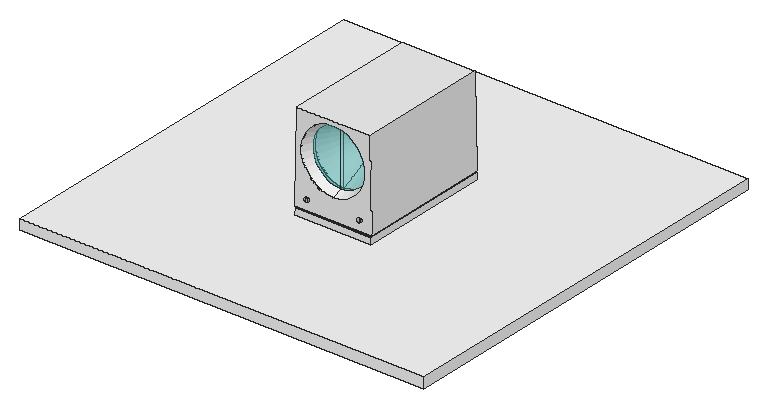
Revit family "BE_24594_de_DE", category Leuchten, Revit 2015
Parameters (values of type "BEGA_24594_Weiß_K4")
  built-in parameter 1150104 = 15.158 (stored number, unit not read)
  Wattage = 3.8 W
  Default Elevation = 0 mm
  built-in parameter 1150113 = 1 (stored number, unit not read)
  built-in parameter 1114218 = 1 (stored number, unit not read)
  Umgebungstemperatur = "25 °C"
  URL = "http://www.bega.de/produkt/24594"
  Typenkommentare = "© 2016 BEGA. Wir behalten uns das Recht vor, technische Änderungen ohne vorherige Ankündigung vorzunehmen."  # constant formula
  Type Image = 24594.png
  built-in parameter 1150134 = 12
  built-in parameter 1150109 = 1 (stored number, unit not read)
  Strom = ""
  built-in parameter 1150110 = 1 (stored number, unit not read)
  Spannung = 239.996 V
  Sonderanfertigung = no
  Seriennummer [instance] = "Hier können Sie die eindeutige Seriennummer für das Facility Management eintragen."
  Schutzklasse = "I"
  Schutzart = "IP 64"
  Scheinlast = 0 VA
  Produktdatenblatt = "http://www.bega.de/download/Xrfa/db/24594.db.de.pdf"
  Oberflächentemperatur = ""
  Neigungswinkel = 0.00°
  Modell = "24594WK4"
  Material_17 = BEGA_Reflektor
  Material_15 = BEGA_Leuchtmedium_matt
  Material_11 = BEGA_Glas_opal
  Material_09 = BEGA_Glas_klar
  Material_06 = BEGA_Oberfläche_Edelstahl_gebürstet
  Material_03 = BEGA_Oberfläche_Weiss_matt
  Material_02 = BEGA_Oberfläche_Silber_matt
  Material_01 [instance] = BEGA_Oberfläche_Grafit_matt
  M_W = yes
  M_G = no
  M_A = no
  Logo = 0
  built-in parameter 1114217 = 1 (stored number, unit not read)
  built-in parameter 1150139 = (empty or 0)
  built-in parameter 1150105 = 49.339 (stored number, unit not read)
  built-in parameter 1150114 = 1 (stored number, unit not read)
  Lumens = 620.008 lm
  built-in parameter 1150115 = 1 (stored number, unit not read)
  Leuchtenlichtstrom = "290 lm"
  Leuchtenanzahl = ""
  Lebensdauerkriterien = "L70 = 50.000 h"
  Lastklassifizierung = Beleuchtung
  built-in parameter 1150112 = 1 (stored number, unit not read)
  Lampenlichtstrom = "620 lm"
  Lampe = "LED 3.8 W"
  LED_Modulbezeichnung = "LED-0680/840 + LED-0684/840"
  built-in parameter 1150142 = (empty or 0)
  Hersteller = "BEGA"  # constant formula
  Halbstreuwinkel = ""
  Gewicht = "0.75 kg"
  Gebrauchslageneinschränkung [instance] = ""
  Frequenz = "0/50-60 Hz"
  Farbwiedergabeindex = "Ra > 80"
  Farbtemperaturverschiebung bei Dämpfen der Lampe = <Keine Auswahl>
  Farbtemperatur = "4000 K"
  Color Filter = 16777215
  built-in parameter 1150133 = 10 (stored number, unit not read)
  Energieeffizienzklasse = "LED A++ - A"
  built-in parameter 1150137 = (empty or 0)
  built-in parameter 1150132 = (empty or 0)
  ENEC = ""
  Datei für fotometrisches Netz = "BE_24594K4.IES"
  CE_Konformität = "ja"
  Bestellnummer = "24594WK4"
  Beschreibung_Sonderanfertigung = "Hier können Sie Informationen zur Sonderanfertigung eintragen."
  Beschreibung = "Wandleuchte"
  built-in parameter 1150106 = 0.49339 (stored number, unit not read)
  Befestigungsbohrung = "Ø 4,3 mm"
  Befestigungsabstand = "50 mm"
  Ballwurfsicher = ""
  BEGA_Intern_aus = yes
  BEGA_Intern_an = yes
  BEGA_Intern_Konstruktion = yes
  BEGA_Intern = yes
  BEGA_IES = yes
  BEGA_Dummy = no
  Anschlussleitung = ""
  Anschlussleistung [instance] = "5.5 W"
  Anschlusskasten = ""
  built-in parameter 1150107 = 4000 (stored number, unit not read)
  built-in parameter 1150102 = (empty or 0)
  built-in parameter 1150138 = (empty or 0)
  Aktualisierung = "2016-10-24T04:21:34"
  Abstand_zur_angestrahlten_Fläche [instance] = ""
  AC/DC = "AC/DC"
Types (6, lengths in mm): name | built-in parameter 1150104 | built-in parameter 1150134 | Modell | M_W | M_G | M_A | built-in parameter 1150105 | Lumens | Leuchtenlichtstrom | Lampenlichtstrom | LED_Modulbezeichnung | Farbtemperatur | Datei für fotometrisches Netz | Bestellnummer | built-in parameter 1150106 | built-in parameter 1150107
  BEGA_24594_Weiß_K4 | 15.158 (stored number, unit not read) | 12 | "24594WK4" | yes | no | no | 49.339 (stored number, unit not read) | 620.008 lm | "290 lm" | "620 lm" | "LED-0680/840 + LED-0684/840" | "4000 K" | "BE_24594K4.IES" | "24594WK4" | 0.49339 (stored number, unit not read) | 4000 (stored number, unit not read)
  BEGA_24594_Weiß_K3 | 14.302 (stored number, unit not read) | (empty or 0) | "24594W" | yes | no | no | 46.554 (stored number, unit not read) | 585.01 lm | "274 lm" | "585 lm" | "LED-0680/830 + LED-0684/830" | "3000 K" | "BE_24594.IES" | "24594W" | 0.46554 (stored number, unit not read) | 3000 (stored number, unit not read)
  BEGA_24594_Silber_K4 | 15.158 (stored number, unit not read) | 12 | "24594AK4" | no | no | yes | 49.339 (stored number, unit not read) | 620.008 lm | "290 lm" | "620 lm" | "LED-0680/840 + LED-0684/840" | "4000 K" | "BE_24594K4.IES" | "24594AK4" | 0.49339 (stored number, unit not read) | 4000 (stored number, unit not read)
  BEGA_24594_Grafit_K4 | 15.158 (stored number, unit not read) | 12 | "24594K4" | no | yes | no | 49.339 (stored number, unit not read) | 620.008 lm | "290 lm" | "620 lm" | "LED-0680/840 + LED-0684/840" | "4000 K" | "BE_24594K4.IES" | "24594K4" | 0.49339 (stored number, unit not read) | 4000 (stored number, unit not read)
  BEGA_24594_Silber_K3 | 14.302 (stored number, unit not read) | (empty or 0) | "24594A" | no | no | yes | 46.554 (stored number, unit not read) | 585.01 lm | "274 lm" | "585 lm" | "LED-0680/830 + LED-0684/830" | "3000 K" | "BE_24594.IES" | "24594A" | 0.46554 (stored number, unit not read) | 3000 (stored number, unit not read)
  BEGA_24594_Grafit_K3 | 14.302 (stored number, unit not read) | (empty or 0) | "24594" | no | yes | no | 46.554 (stored number, unit not read) | 585.01 lm | "274 lm" | "585 lm" | "LED-0680/830 + LED-0684/830" | "3000 K" | "BE_24594.IES" | "24594" | 0.46554 (stored number, unit not read) | 3000 (stored number, unit not read)
Reference planes
  plane 1 "Mitte (Vorne/Hinten)": y = 0
  plane 2: z = 0
  plane 3 "Mitte (Links/Rechts)": x = 0
  plane 4 "Links": x = -37.662
  plane 5 "Rechts": x = 37.662
  plane 6 "Unten": y = -62.662
  plane 7 "Oben": y = 67.662
  plane 8 "Vorne": z = 96
  plane 9 "Hinten": z = 0
Forms (mm)
  Extrusion 1, solid, material "BEGA_Platte_Weiss"
    sketch origin (0, -1119.2, 0) x (1, 0, 0) y (0, 1, 0)
      loop
        line (-200, 1319.2) -> (-200, 919.2) -> (200, 919.2) -> (200, 1319.2) -> (-200, 1319.2)
    from 0 to -10
  Extrusion 2, solid, material "BEGA_Dummy_matt", visible <- "BEGA_Dummy"
    sketch origin (80.095, -76.023, 0) x (1, 0, 0) y (0, 1, 0)
      loop
        line (-117.758, 143.685) -> (-117.758, 13.361) -> (-42.433, 13.361) -> (-42.433, 143.685) -> (-117.758, 143.685)
    from 0 to 96
Dimensions and locks
  plane 1 "Mitte (Vorne/Hinten)" to Extrusion 1 = 200 mm
  aligned and locked: plane 2 to Extrusion 1
  aligned and locked: level to Extrusion 1
Nested families
  nested 1: "BE_24594" at (0, 0, 0) x (0, -1, 0) z (0, 0, 1), type "BE_24594"
Connectors
  electrical at (0, 0, 0), driven by "Lastklassifizierung", driven by "Spannung", driven by "Scheinlast"
    settings: index 1, voltage 239.996 V, apparent load 0 VA, apparent load phase1 0 VA, apparent load phase2 0 VA, apparent load phase3 0 VA, power factor 1, load classification "Beleuchtung", number of poles 1, system type 31, power factor state 1, is connector primary yes, connector utility no, sub classification motor no, connector description ""
Definition of nested family "BE_24594"
  Parameters (values of type "BE_24594")
    Default Elevation = 1 mm
    URL = "http://www.bega.de/de/produkt"
    Type Comments = "© 2015 BEGA. Wir behalten uns das Recht vor, technische Änderungen ohne vorherige Ankündigung vorzunehmen. "  # constant formula
    Type Image = (empty or 0)
    Material_17 = none
    Material_15 = none
    Material_11 = none
    Material_09 = none
    Material_06 = none
    Material_03 = none
    Material_02 = none
    Material_01 = none
    M_W = yes
    M_G = yes
    M_A = yes
    Länge_Platte = 200 mm  # constant formula
    Höhe_Platte = -10 mm  # constant formula
    Manufacturer = "BEGA"  # constant formula
    Breite_Platte = 200 mm  # constant formula
  Reference planes
    plane 1 "Mitte (Oben/Unten)": y = 0
    plane 2: z = 0
    plane 3 "Mitte (Links/Rechts)": x = 0
    plane 4 "Vorne": z = 96
    plane 5 "Links": x = -67.662
    plane 6 "Oben": y = 37.662
    plane 7 "Unten": y = -37.662
    plane 8: x = 62.662
  Forms (mm)
    Extrusion 1, solid, detail levels medium
      sketch origin (0, 0, 0) x (1, 0, 0) y (0, 1, 0)
        loop
          line (-100, 100) -> (-100, -100) -> (100, -100) -> (100, 100) -> (-100, 100)
      from 0 to -10 <- "Höhe_Platte"
    Extrusion 2, solid, material <- "Material_01", visible <- "M_G", detail levels medium+fine
      sketch origin (0, 0, 0) x (1, 0, 0) y (0, 0, 1)
        loop
          line (-67.5, 96) -> (-67.5, 8) -> (-59.266, 8) -> (-59.266, 93.7) -> (53.573, 93.7) -> (53.573, 8) -> (62.5, 8) -> (62.5, 96) -> (-67.5, 96)
      from -37.662 to 37.662
    Extrusion 3, solid, material <- "Material_01", visible <- "M_G", detail levels medium+fine
      sketch origin (0, 0, 0) x (0, 1, 0) y (0, 0, 1)
        loop
          line (-37.662, 96) -> (-37.662, 8) -> (-34.581, 8) -> (-34.581, 96) -> (-37.662, 96)
        loop
          line (37.662, 96) -> (34.581, 96) -> (34.581, 8) -> (37.662, 8) -> (37.662, 96)
      from -67.5 to 62.5
    Sweep 4, solid, material <- "Material_01", visible <- "M_G", detail levels medium+fine
      path origin (0, 0, 0) x (1, 0, 0) y (0, 1, 0)
        loop
          line (-67.662, 37.662) -> (-67.662, -37.662) -> (62.662, -37.662) -> (62.662, 37.662) -> (-67.662, 37.662)
      profile origin (-67.662, 0, 0) x (1, 0, 0) y (0, 0, 1)
        loop
          line (0, 0) -> (6.648, 0) -> (6.962, 9) -> (30.453, 9) -> (30.453, 11.3) -> (4.31, 11.3) -> (1.01, 8) -> (1.01, 6.2) -> (0.162, 6.2) -> (0, 0)
    Extrusion 5, solid, material <- "Material_01", visible <- "M_G", detail levels medium+fine
      sketch origin (0, 0, 0) x (1, 0, 0) y (0, 1, 0)
        loop
          line (32.209, -7.209) -> (32.209, 7.209) -> (-37.209, 7.209) -> (-37.209, -7.209) -> (32.209, -7.209)
      from 9 to 11.3
    Revolve 6, void
      sketch origin (0, 0, 0) x (1, 0, 0) y (0, 0, 1)
        loop
          line (53.376, 87.9) -> (53.376, 60.141) -> (63.376, 60.141) -> (63.376, 92.352) -> (53.376, 87.9)
        axis (53.376, 60.141) -> (63.376, 60.141)
      angle from 0 to 360
    Revolve 7, void
      sketch origin (0, 0, 0) x (1, 0, 0) y (0, 0, 1)
        loop
          line (-68.395, 91.9) -> (-68.395, 59.9) -> (-58.719, 59.9) -> (-58.719, 88.393) -> (-63.099, 88.393) -> (-63.099, 91.9) -> (-68.395, 91.9)
        axis (-68.395, 59.9) -> (-58.719, 59.9)
      angle from 0 to 360
    Revolve 8, solid, material <- "Material_06", detail levels fine
      sketch origin (0, -26, 0) x (1, 0, 0) y (0, 0, 1)
        loop
          line (63.4, 19.799) -> (51.161, 19.799) -> (49.161, 17.799) -> (63.4, 17.799) -> (63.4, 19.799)
        axis (49.161, 17.799) -> (63.4, 17.799)
      angle from 0 to 360
    Revolve 9, solid, material <- "Material_06", detail levels fine
      sketch origin (0, 26, 0) x (1, 0, 0) y (0, 0, -1)
        loop
          line (63.4, -19.799) -> (63.4, -17.799) -> (49.161, -17.799) -> (51.161, -19.799) -> (63.4, -19.799)
        axis (49.161, -17.799) -> (63.4, -17.799)
      angle from 0 to 360
    Revolve 10, solid, material <- "Material_17", detail levels medium+fine
      sketch origin (-9.918, 0, 0) x (-1, 0, 0) y (0, 0, 1)
        loop
          arc (-59.266, 88.278) -> (-43.405, 81.141) -> (-29.667, 70.475) r 73.453
          line (-29.667, 70.475) -> (-29.289, 65.072) -> (-28.495, 65.072) -> (-28.916, 71.095)
          arc (-28.916, 71.095) -> (-42.623, 81.743) -> (-58.445, 88.877) r 73.453
          line (-58.445, 88.877) -> (-58.445, 93.497) -> (-59.266, 93.497) -> (-59.266, 88.278)
        axis (-59.266, 59.9) -> (-28.495, 59.9)
      angle from 0 to 360
    Revolve 11, solid, material <- "Material_09", detail levels medium+fine
      sketch origin (0, 0, 0) x (1, 0, 0) y (0, 0, 1)
        loop
          line (53.284, 93.17) -> (49.348, 93.17) -> (49.348, 60.141) -> (53.284, 60.141) -> (53.284, 93.17)
        axis (49.348, 60.141) -> (53.284, 60.141)
      angle from 0 to 360
    Revolve 12, solid, material <- "Material_09", detail levels medium+fine
      sketch origin (-116.784, 0, -2.27) x (1, 0, 0) y (0, 0, 1)
        loop
          line (53.284, 93.17) -> (49.348, 93.17) -> (49.348, 62.17) -> (53.284, 62.17) -> (53.284, 93.17)
        axis (49.348, 62.17) -> (53.284, 62.17)
      angle from 0 to 360
    Extrusion 13, void
      sketch origin (0, 0, 0) x (0, 1, 0) y (0, 0, 1)
        loop
          line (-31, 79.546) -> (-34.049, 79.546) -> (-34.049, 41) -> (-31, 41) -> (-31, 79.546)
      from 49.348 to 56.488
    Extrusion 14, void
      sketch origin (0, 0, 0) x (0, -1, 0) y (0, 0, -1)
        loop
          line (-31, -79.546) -> (-31, -41) -> (-34.049, -41) -> (-34.049, -79.546) -> (-31, -79.546)
      from 49.348 to 56.488
    Revolve 15, solid, material <- "Material_15", detail levels medium+fine
      sketch origin (0, 0, -0.132) x (1, 0, 0) y (0, 0, 1)
        loop
          line (16, 63.926) -> (15.185, 63.926) -> (15.185, 60.273) -> (16, 60.273) -> (16, 63.926)
        axis (15.185, 60.273) -> (16.185, 60.273)
      angle from 0 to 360
    Sweep 16, solid, material <- "Material_02", visible <- "M_A", detail levels medium+fine
      path origin (0, 0, 0) x (1, 0, 0) y (0, 1, 0)
        loop
          line (-67.662, 37.662) -> (-67.662, -37.662) -> (62.662, -37.662) -> (62.662, 37.662) -> (-67.662, 37.662)
      profile origin (-67.662, 0, 0) x (1, 0, 0) y (0, 0, 1)
        loop
          line (0, 0) -> (6.648, 0) -> (6.962, 9) -> (30.453, 9) -> (30.453, 11.3) -> (4.31, 11.3) -> (1.01, 8) -> (1.01, 6.2) -> (0.162, 6.2) -> (0, 0)
    Extrusion 17, solid, material <- "Material_02", visible <- "M_A", detail levels medium+fine
      sketch origin (0, 0, 0) x (1, 0, 0) y (0, 1, 0)
        loop
          line (32.209, -7.209) -> (32.209, 7.209) -> (-37.209, 7.209) -> (-37.209, -7.209) -> (32.209, -7.209)
      from 9 to 11.3
    Sweep 18, solid, material <- "Material_03", visible <- "M_W", detail levels medium+fine
      path origin (0, 0, 0) x (1, 0, 0) y (0, 1, 0)
        loop
          line (-67.662, 37.662) -> (-67.662, -37.662) -> (62.662, -37.662) -> (62.662, 37.662) -> (-67.662, 37.662)
      profile origin (-67.662, 0, 0) x (1, 0, 0) y (0, 0, 1)
        loop
          line (0, 0) -> (6.648, 0) -> (6.962, 9) -> (30.453, 9) -> (30.453, 11.3) -> (4.31, 11.3) -> (1.01, 8) -> (1.01, 6.2) -> (0.162, 6.2) -> (0, 0)
    Extrusion 19, solid, material <- "Material_03", visible <- "M_W", detail levels medium+fine
      sketch origin (0, 0, 0) x (1, 0, 0) y (0, 1, 0)
        loop
          line (32.209, -7.209) -> (32.209, 7.209) -> (-37.209, 7.209) -> (-37.209, -7.209) -> (32.209, -7.209)
      from 9 to 11.3
    Extrusion 20, solid, material <- "Material_02", visible <- "M_A", detail levels medium+fine
      sketch origin (0, 0, 0) x (1, 0, 0) y (0, 0, 1)
        loop
          line (-67.5, 96) -> (-67.5, 8) -> (-59.266, 8) -> (-59.266, 93.7) -> (53.573, 93.7) -> (53.573, 8) -> (62.5, 8) -> (62.5, 96) -> (-67.5, 96)
      from -37.662 to 37.662
    Extrusion 21, solid, material <- "Material_02", visible <- "M_A", detail levels medium+fine
      sketch origin (0, 0, 0) x (0, 1, 0) y (0, 0, 1)
        loop
          line (-37.662, 96) -> (-37.662, 8) -> (-34.581, 8) -> (-34.581, 96) -> (-37.662, 96)
        loop
          line (37.662, 96) -> (34.581, 96) -> (34.581, 8) -> (37.662, 8) -> (37.662, 96)
      from -67.5 to 62.5
    Extrusion 22, solid, material <- "Material_03", visible <- "M_W", detail levels medium+fine
      sketch origin (0, 0, 0) x (1, 0, 0) y (0, 0, 1)
        loop
          line (-67.5, 96) -> (-67.5, 8) -> (-59.266, 8) -> (-59.266, 93.7) -> (53.573, 93.7) -> (53.573, 8) -> (62.5, 8) -> (62.5, 96) -> (-67.5, 96)
      from -37.662 to 37.662
    Extrusion 23, solid, material <- "Material_03", visible <- "M_W", detail levels medium+fine
      sketch origin (0, 0, 0) x (0, 1, 0) y (0, 0, 1)
        loop
          line (-37.662, 96) -> (-37.662, 8) -> (-34.581, 8) -> (-34.581, 96) -> (-37.662, 96)
        loop
          line (37.662, 96) -> (34.581, 96) -> (34.581, 8) -> (37.662, 8) -> (37.662, 96)
      from -67.5 to 62.5
    Extrusion 24, void
      sketch origin (0, 0, 0) x (1, 0, 0) y (0, 1, 0)
        loop
          circle (0, 25) r 2.156
        loop
          circle (0, -25) r 2.156
        loop
          circle (-47, 18.5) r 8.5
        loop
          circle (-47, -18.5) r 8.5
      from 0 to 12.405
    Extrusion 25, void
      sketch origin (0, 0, 0) x (0, 1, 0) y (0, 0, 1)
        loop
          line (-37.662, 8) -> (-36.071, 99.148) -> (-37.662, 99.148) -> (-37.662, 8)
      from -69.5 to 65.4
    Extrusion 26, void
      sketch origin (0, 0, 0) x (0, -1, 0) y (0, 0, -1)
        loop
          line (-37.662, -8) -> (-37.662, -99.148) -> (-36.071, -99.148) -> (-37.662, -8)
      from -69.5 to 65.4
    Extrusion 27, solid, material <- "Material_15", detail levels medium+fine
      sketch origin (0, 0, 0) x (1, 0, 0) y (0, 0, 1)
        loop
          line (-26.175, 70.771) -> (-26.965, 70.771) -> (-26.965, 48.478) -> (-26.175, 48.478) -> (-26.175, 70.771)
      from -1.478 to 2.022
  Cuts and joins
    Revolve 6, Revolve 7, Extrusion 13, Extrusion 14, Extrusion 24, Extrusion 25, Extrusion 26 cuts Extrusion 2
    Revolve 6, Revolve 7, Extrusion 13, Extrusion 14, Extrusion 24, Extrusion 25, Extrusion 26 cuts Extrusion 3
    joined: Extrusion 2, Extrusion 3
    Extrusion 24 cuts Sweep 4
    Extrusion 24 cuts Extrusion 5
    joined: Sweep 4, Extrusion 5
    Extrusion 13, Extrusion 14 cuts Revolve 10
    Extrusion 13, Extrusion 14 cuts Revolve 11
    Extrusion 24 cuts Sweep 16
    Extrusion 24 cuts Extrusion 17
    joined: Sweep 16, Extrusion 17
    Extrusion 24 cuts Sweep 18
    Extrusion 24 cuts Extrusion 19
    joined: Sweep 18, Extrusion 19
    Revolve 6, Revolve 7, Extrusion 24, Extrusion 25, Extrusion 26 cuts Extrusion 20
    Extrusion 24, Extrusion 25, Extrusion 26 cuts Extrusion 21
    joined: Extrusion 20, Extrusion 21
    Revolve 6, Revolve 7, Extrusion 24, Extrusion 25, Extrusion 26 cuts Extrusion 22
    Extrusion 24, Extrusion 25, Extrusion 26 cuts Extrusion 23
    joined: Extrusion 22, Extrusion 23
  Dimensions and locks
    equal spacing: Extrusion 1 sketch curve, plane 3 "Mitte (Links/Rechts)", Extrusion 1 sketch curve
    equal spacing: Extrusion 1 sketch curve, plane 1 "Mitte (Oben/Unten)", Extrusion 1 sketch curve
    "Länge_Platte": Extrusion 1 sketch curve to Extrusion 1 sketch curve
    "Breite_Platte": Extrusion 1 sketch curve to Extrusion 1 sketch curve
    aligned and locked: Extrusion 1 to plane 2
    aligned and locked: level to Extrusion 1
  Automatic sketch dimensions
    plane 5 "Links" to Extrusion 2 sketch curve = 0.162 mm
    plane 5 "Links" to Extrusion 2 sketch curve = 8.396 mm
    level to Extrusion 2 sketch curve = 8 mm  (x2)
    Extrusion 2 sketch curve to Extrusion 2 sketch curve = 85.7 mm
    Extrusion 2 sketch curve to Extrusion 2 sketch curve = 2.3 mm
    plane 1 "Mitte (Oben/Unten)" to Extrusion 3 sketch curve = 37.662 mm
    Extrusion 3 sketch curve to Extrusion 3 sketch curve = 3.081 mm  (x2)
    Extrusion 3 sketch curve to plane 1 "Mitte (Oben/Unten)" = 34.581 mm
    level to Extrusion 3 sketch curve = 8 mm  (x2)
    Extrusion 3 sketch curve to Extrusion 3 sketch curve = 88 mm
    Extrusion 3 sketch curve to Extrusion 3 sketch curve = 0 mm
    Sweep 4 sketch curve to plane 5 "Links" = 0 mm
    plane 1 "Mitte (Oben/Unten)" to Sweep 4 sketch curve = 37.662 mm
    Sweep 4 sketch curve to plane 1 "Mitte (Oben/Unten)" = 37.662 mm
    Sweep 4 sketch curve to level = 0 mm
    profile plane to Sweep 4 sketch curve = 0 mm
    Sweep 4 sketch curve to profile plane = 0.162 mm
    Sweep 4 sketch curve to Sweep 4 sketch curve = 0.848 mm
    Sweep 4 sketch curve to profile plane = 4.31 mm
    Sweep 4 sketch curve to profile plane = 6.648 mm
    Sweep 4 sketch curve to Sweep 4 sketch curve = 2.652 mm
    level to Sweep 4 sketch curve = 9 mm
    Sweep 4 sketch curve to Sweep 4 sketch curve = 23.491 mm
    level to Sweep 4 sketch curve = 6.2 mm
    Sweep 4 sketch curve to Sweep 4 sketch curve = 1.8 mm
    Sweep 4 sketch curve to Sweep 4 sketch curve = 2.3 mm
    plane 1 "Mitte (Oben/Unten)" to Extrusion 5 sketch curve = 7.209 mm
    plane 5 "Links" to Extrusion 5 sketch curve = 30.453 mm
    Extrusion 5 sketch curve to plane 1 "Mitte (Oben/Unten)" = 7.209 mm
    plane 3 "Mitte (Links/Rechts)" to Extrusion 5 sketch curve = 32.209 mm
    level to Revolve 6 sketch curve = 60.141 mm
    Revolve 6 sketch curve to Revolve 6 sketch curve = 27.759 mm
    Revolve 6 sketch curve to Revolve 6 sketch curve = 4.452 mm
    Revolve 6 sketch curve to Revolve 6 sketch curve = 0 mm  (x3)
    Revolve 7 sketch curve to plane 5 "Links" = 0.733 mm
    plane 5 "Links" to Revolve 7 sketch curve = 4.563 mm
    plane 5 "Links" to Revolve 7 sketch curve = 8.943 mm
    level to Revolve 7 sketch curve = 59.9 mm
    Revolve 7 sketch curve to Revolve 7 sketch curve = 28.493 mm
    Revolve 7 sketch curve to Revolve 7 sketch curve = 3.507 mm
    Revolve 7 sketch curve to Revolve 7 sketch curve = 0 mm  (x3)
    Revolve 8 sketch curve to Revolve 8 sketch curve = 2 mm  (x2)
    level to Revolve 8 sketch curve = 17.799 mm
    Revolve 8 sketch curve to Revolve 8 sketch curve = 0 mm  (x3)
    Revolve 9 sketch curve to Revolve 9 sketch curve = 2 mm  (x2)
    level to Revolve 9 sketch curve = 19.799 mm
    Revolve 9 sketch curve to Revolve 9 sketch curve = 0 mm  (x3)
    Revolve 10 sketch curve to Revolve 10 sketch curve = 0.751 mm  (x2)
    Revolve 10 sketch curve to Revolve 10 sketch curve = 0.821 mm
    Revolve 10 sketch curve to plane 3 "Mitte (Links/Rechts)" = 19.749 mm
    Revolve 10 sketch curve to Revolve 10 sketch curve = 0.378 mm
    Revolve 10 sketch curve to Revolve 10 sketch curve = 0.794 mm
    Revolve 10 sketch curve to level = 18.197 mm
    Revolve 10 sketch curve to Revolve 10 sketch curve = 0.62 mm  (x2)
    Revolve 10 sketch curve to level = 65.072 mm
    Revolve 10 sketch curve to Revolve 10 sketch curve = 5.402 mm
    Revolve 10 sketch curve to Revolve 10 sketch curve = 4.621 mm
    Revolve 10 sketch curve to Revolve 10 sketch curve = 0.995 mm
    Revolve 10 sketch curve to Revolve 10 sketch curve = 28.378 mm
    Revolve 11 sketch curve to Revolve 11 sketch curve = 3.936 mm
    level to Revolve 11 sketch curve = 60.141 mm
    Revolve 11 sketch curve to Revolve 11 sketch curve = 33.029 mm
    Revolve 11 sketch curve to Revolve 11 sketch curve = 0 mm  (x3)
    plane 5 "Links" to Revolve 12 sketch curve = 0.227 mm
    Revolve 12 sketch curve to Revolve 12 sketch curve = 3.936 mm
    level to Revolve 12 sketch curve = 59.9 mm
    Revolve 12 sketch curve to Revolve 12 sketch curve = 31 mm
    Revolve 12 sketch curve to Revolve 12 sketch curve = 0 mm  (x3)
    plane 1 "Mitte (Oben/Unten)" to Extrusion 13 sketch curve = 34.049 mm
    Extrusion 13 sketch curve to Extrusion 13 sketch curve = 3.049 mm
    level to Extrusion 13 sketch curve = 41 mm
    Extrusion 13 sketch curve to Extrusion 13 sketch curve = 38.546 mm
    plane 1 "Mitte (Oben/Unten)" to Extrusion 14 sketch curve = 34.049 mm
    Extrusion 14 sketch curve to Extrusion 14 sketch curve = 3.049 mm
    Extrusion 14 sketch curve to level = 41 mm
    Extrusion 14 sketch curve to Extrusion 14 sketch curve = 38.546 mm
    plane 3 "Mitte (Links/Rechts)" to Revolve 15 sketch curve = 15.185 mm
    Revolve 15 sketch curve to Revolve 15 sketch curve = 0.815 mm
    level to Revolve 15 sketch curve = 60.141 mm
    Revolve 15 sketch curve to Revolve 15 sketch curve = 3.653 mm
    Revolve 15 sketch curve to Revolve 15 sketch curve = 0 mm  (x3)
    Sweep 16 sketch curve to plane 5 "Links" = 0 mm
    plane 1 "Mitte (Oben/Unten)" to Sweep 16 sketch curve = 37.662 mm
    Sweep 16 sketch curve to plane 1 "Mitte (Oben/Unten)" = 37.662 mm
    Sweep 16 sketch curve to level = 0 mm
    profile plane to Sweep 16 sketch curve = 0 mm
    Sweep 16 sketch curve to profile plane = 0.162 mm
    Sweep 16 sketch curve to Sweep 16 sketch curve = 0.848 mm
    Sweep 16 sketch curve to profile plane = 4.31 mm
    Sweep 16 sketch curve to profile plane = 6.648 mm
    Sweep 16 sketch curve to Sweep 16 sketch curve = 2.652 mm
    level to Sweep 16 sketch curve = 9 mm
    Sweep 16 sketch curve to Sweep 16 sketch curve = 23.491 mm
    level to Sweep 16 sketch curve = 6.2 mm
    Sweep 16 sketch curve to Sweep 16 sketch curve = 1.8 mm
    Sweep 16 sketch curve to Sweep 16 sketch curve = 2.3 mm
    plane 1 "Mitte (Oben/Unten)" to Extrusion 17 sketch curve = 7.209 mm
    plane 5 "Links" to Extrusion 17 sketch curve = 30.453 mm
    Extrusion 17 sketch curve to plane 1 "Mitte (Oben/Unten)" = 7.209 mm
    plane 3 "Mitte (Links/Rechts)" to Extrusion 17 sketch curve = 32.209 mm
    Sweep 18 sketch curve to plane 5 "Links" = 0 mm
    plane 1 "Mitte (Oben/Unten)" to Sweep 18 sketch curve = 37.662 mm
    Sweep 18 sketch curve to plane 1 "Mitte (Oben/Unten)" = 37.662 mm
    Sweep 18 sketch curve to level = 0 mm
    profile plane to Sweep 18 sketch curve = 0 mm
    Sweep 18 sketch curve to profile plane = 0.162 mm
    Sweep 18 sketch curve to Sweep 18 sketch curve = 0.848 mm
    Sweep 18 sketch curve to profile plane = 4.31 mm
    Sweep 18 sketch curve to profile plane = 6.648 mm
    Sweep 18 sketch curve to Sweep 18 sketch curve = 2.652 mm
    level to Sweep 18 sketch curve = 9 mm
    Sweep 18 sketch curve to Sweep 18 sketch curve = 23.491 mm
    level to Sweep 18 sketch curve = 6.2 mm
    Sweep 18 sketch curve to Sweep 18 sketch curve = 1.8 mm
    Sweep 18 sketch curve to Sweep 18 sketch curve = 2.3 mm
    plane 1 "Mitte (Oben/Unten)" to Extrusion 19 sketch curve = 7.209 mm
    plane 5 "Links" to Extrusion 19 sketch curve = 30.453 mm
    Extrusion 19 sketch curve to plane 1 "Mitte (Oben/Unten)" = 7.209 mm
    plane 3 "Mitte (Links/Rechts)" to Extrusion 19 sketch curve = 32.209 mm
    plane 5 "Links" to Extrusion 20 sketch curve = 0.162 mm
    plane 5 "Links" to Extrusion 20 sketch curve = 8.396 mm
    level to Extrusion 20 sketch curve = 8 mm  (x2)
    Extrusion 20 sketch curve to Extrusion 20 sketch curve = 85.7 mm
    Extrusion 20 sketch curve to Extrusion 20 sketch curve = 2.3 mm
    plane 1 "Mitte (Oben/Unten)" to Extrusion 21 sketch curve = 37.662 mm
    Extrusion 21 sketch curve to Extrusion 21 sketch curve = 3.081 mm  (x2)
    Extrusion 21 sketch curve to plane 1 "Mitte (Oben/Unten)" = 34.581 mm
    level to Extrusion 21 sketch curve = 8 mm  (x2)
    Extrusion 21 sketch curve to Extrusion 21 sketch curve = 88 mm
    Extrusion 21 sketch curve to Extrusion 21 sketch curve = 0 mm
    plane 5 "Links" to Extrusion 22 sketch curve = 0.162 mm
    plane 5 "Links" to Extrusion 22 sketch curve = 8.396 mm
    level to Extrusion 22 sketch curve = 8 mm  (x2)
    Extrusion 22 sketch curve to Extrusion 22 sketch curve = 85.7 mm
    Extrusion 22 sketch curve to Extrusion 22 sketch curve = 2.3 mm
    plane 1 "Mitte (Oben/Unten)" to Extrusion 23 sketch curve = 37.662 mm
    Extrusion 23 sketch curve to Extrusion 23 sketch curve = 3.081 mm  (x2)
    Extrusion 23 sketch curve to plane 1 "Mitte (Oben/Unten)" = 34.581 mm
    level to Extrusion 23 sketch curve = 8 mm  (x2)
    Extrusion 23 sketch curve to Extrusion 23 sketch curve = 88 mm
    Extrusion 23 sketch curve to Extrusion 23 sketch curve = 0 mm
    Extrusion 24 sketch curve to plane 3 "Mitte (Links/Rechts)" = 0 mm  (x2)
    plane 5 "Links" to Extrusion 24 sketch curve = 20.662 mm  (x2)
    plane 1 "Mitte (Oben/Unten)" to Extrusion 24 sketch curve = 25 mm
    plane 1 "Mitte (Oben/Unten)" to Extrusion 24 sketch curve = 18.5 mm
    Extrusion 24 sketch curve to plane 1 "Mitte (Oben/Unten)" = 18.5 mm
    Extrusion 24 sketch curve to plane 1 "Mitte (Oben/Unten)" = 25 mm
    plane 1 "Mitte (Oben/Unten)" to Extrusion 25 sketch curve = 37.662 mm
    Extrusion 25 sketch curve to Extrusion 25 sketch curve = 1.591 mm
    level to Extrusion 25 sketch curve = 8 mm
    Extrusion 25 sketch curve to Extrusion 25 sketch curve = 91.148 mm
    plane 1 "Mitte (Oben/Unten)" to Extrusion 26 sketch curve = 37.662 mm
    Extrusion 26 sketch curve to Extrusion 26 sketch curve = 1.591 mm
    Extrusion 26 sketch curve to level = 8 mm
    Extrusion 26 sketch curve to Extrusion 26 sketch curve = 91.148 mm
    plane 3 "Mitte (Links/Rechts)" to Extrusion 2 sketch curve = 53.573 mm
    Extrusion 2 sketch curve to Extrusion 2 sketch curve = 8.927 mm
    plane 3 "Mitte (Links/Rechts)" to Sweep 4 sketch curve = 62.662 mm
    plane 3 "Mitte (Links/Rechts)" to Revolve 6 sketch curve = 53.376 mm
    Revolve 6 sketch curve to Revolve 6 sketch curve = 10 mm
    plane 3 "Mitte (Links/Rechts)" to Revolve 8 sketch curve = 49.161 mm
    Revolve 8 sketch curve to Revolve 8 sketch curve = 12.239 mm
    plane 3 "Mitte (Links/Rechts)" to Revolve 9 sketch curve = 49.161 mm
    Revolve 9 sketch curve to Revolve 9 sketch curve = 12.239 mm
    Revolve 10 sketch curve to Revolve 10 sketch curve = 28.779 mm
    Revolve 10 sketch curve to Revolve 10 sketch curve = 53.015 mm
    Revolve 10 sketch curve to Revolve 10 sketch curve = 8.234 mm
    plane 3 "Mitte (Links/Rechts)" to Revolve 11 sketch curve = 49.348 mm
    plane 3 "Mitte (Links/Rechts)" to Sweep 16 sketch curve = 62.662 mm
    plane 3 "Mitte (Links/Rechts)" to Sweep 18 sketch curve = 62.662 mm
    plane 3 "Mitte (Links/Rechts)" to Extrusion 20 sketch curve = 53.573 mm
    Extrusion 20 sketch curve to Extrusion 20 sketch curve = 8.927 mm
    plane 3 "Mitte (Links/Rechts)" to Extrusion 22 sketch curve = 53.573 mm
    Extrusion 22 sketch curve to Extrusion 22 sketch curve = 8.927 mm
    Extrusion 27 sketch curve to plane 3 "Mitte (Links/Rechts)" = 26.965 mm
    Extrusion 27 sketch curve to Extrusion 27 sketch curve = 0.79 mm
    Extrusion 27 sketch curve to plane 4 "Vorne" = 47.522 mm
    Extrusion 27 sketch curve to Extrusion 27 sketch curve = 22.293 mm
    radius of Extrusion 24 sketch curve = 2.156 mm  (x2)
    radius of Extrusion 24 sketch curve = 8.5 mm  (x2)
